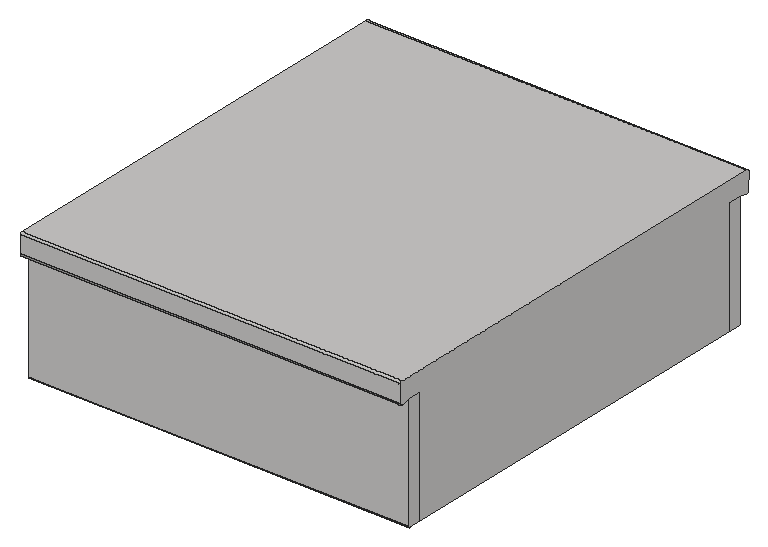
Revit family "QF_ELECTROLUXPROFESSIONAL_588114_MANABAGOOO", category Specialty Equipment, Revit 2018
Family settings
  Round Connector Dimension = Use Diameter
  Part Type = Normal
  Work Plane-Based = No
  Always vertical = Yes
  Cut with Voids When Loaded = No
  Shared = No
  Room Calculation Point = No
Parameters
  Weight in Pounds = 37.47
  URL Cutsheet = "www.electrolux.com/professional"
  URL = "www.electrolux.com/professional"
  Type Mark [instance] = ""
  Status [instance] = ""
  Specification by User [instance] = ""
  Specification by Manufacturer = ""
  Serial Number = ""
  Seismic Rating = ""
  SMACNA No = ""
  Revision Code [instance] = ""
  Omniclass Number and Title = ""
  NAFEM Spec ID Number = ""
  Model = "588114"
  Masterspec = ""
  Manufacturer = "ELECTROLUX"
  Item Number [instance] = ""
  Installed By [instance] = ""
  Identify Quantity as Lot [instance] = yes
  Furnished By [instance] = ""
  Foodservice Equipment Identifier [instance] = yes
  Direct Waste Size = 0"
  Description = "CLOSED WORK TOP,1-SIDE,700X800X250H"
  CSI MasterFormat = ""
  CSI Master Format = ""
Reference planes
  plane 1 "BACK": y = 0
  plane 2: z = 0
  plane 3 "LEFT": x = 0
  plane 4 "RIGHT": x = 700
  plane 5 "FRONT": y = -800
  plane 6 "TOP": z = 250
  plane 7 "Center Y": x = 350
  plane 8 "Center X": y = -400
Forms (mm)
  Extrusion 1, solid, material "QF_Finishes_Stainless Steel"
    sketch origin (0, 50.048, 0) x (0, 1, 0) y (0, 0, 1)
      loop
        line (-95.048, 213) -> (-71.412, 213) -> (-54.743, 210.061)
        arc (-54.743, 210.061) -> (-51.477, 210.936) -> (-50.048, 214) r 4
        line (-50.048, 214) -> (-50.048, 246)
        arc (-50.048, 246) -> (-51.22, 248.828) -> (-54.048, 250) r 4
        line (-54.048, 250) -> (-846.048, 250)
        arc (-846.048, 250) -> (-848.877, 248.828) -> (-850.048, 246) r 4
        line (-850.048, 246) -> (-850.048, 214)
        arc (-850.048, 214) -> (-848.619, 210.936) -> (-845.353, 210.061) r 4
        line (-845.353, 210.061) -> (-828.509, 213) -> (-805.048, 213) -> (-805.048, 0) -> (-95.048, 0) -> (-95.048, 213)
    from 0 to 700
  Extrusion 2, solid, material "QF_Finishes_Stainless Steel"
    sketch origin (0, 50.048, 0) x (0, 1, 0) y (0, 0, 1)
      loop
        arc (-828.048, 213) -> (-829.462, 212.414) -> (-830.048, 211) r 2
        line (-830.048, 211) -> (-830.048, 2)
        arc (-830.048, 2) -> (-829.462, 0.586) -> (-828.048, 0) r 2
        line (-828.048, 0) -> (-805.048, 0) -> (-805.048, 213) -> (-828.048, 213)
      loop
        line (-72.048, 213) -> (-95.048, 213) -> (-95.048, 0) -> (-72.048, 0)
        arc (-72.048, 0) -> (-70.634, 0.586) -> (-70.048, 2) r 2
        line (-70.048, 2) -> (-70.048, 211)
        arc (-70.048, 211) -> (-70.634, 212.414) -> (-72.048, 213) r 2
    from 0 to 700
Lines and regions (mm)
  symbolic lines
    curve 1: line (0, 0, 0) -> (700, 0, 0)
    curve 2: line (0, -800, 0) -> (0, 0, 0)
    curve 3: line (700, -800, 0) -> (0, -800, 0)
    curve 4: line (700, 0, 0) -> (700, -800, 0)
Dimensions and locks
  equal spacing: plane 3 "LEFT", plane 7 "Center Y", plane 4 "RIGHT"
  plane 3 "LEFT" to plane 4 "RIGHT" = 700.00 mm
  equal spacing: plane 5 "FRONT", plane 8 "Center X", plane 1 "BACK"
  plane 5 "FRONT" to plane 1 "BACK" = 800.00 mm
  plane 6 "TOP" to level = 250.00 mm
  aligned and locked: level to plane 2
  aligned and locked: Extrusion 1 to plane 4 "RIGHT"
  aligned and locked: Extrusion 2 to plane 4 "RIGHT"
Automatic sketch dimensions
  Extrusion 1 sketch curve to plane 6 "TOP" = 0.00 mm
  Extrusion 1 sketch curve to level = 0.00 mm
  Extrusion 1 sketch curve to plane 6 "TOP" = 36.00 mm
  plane 5 "FRONT" to Extrusion 1 sketch curve = 0.00 mm
  Extrusion 1 sketch curve to plane 6 "TOP" = 39.939 mm
  Extrusion 1 sketch curve to Extrusion 1 sketch curve = 4.00 mm
  Extrusion 1 sketch curve to Extrusion 1 sketch curve = 4.695 mm  (x2)
  Extrusion 1 sketch curve to Extrusion 1 sketch curve = 16.844 mm
  Extrusion 1 sketch curve to plane 5 "FRONT" = 45.00 mm
  plane 1 "BACK" to Extrusion 1 sketch curve = 45.00 mm
  Extrusion 1 sketch curve to Extrusion 1 sketch curve = 23.636 mm
  Extrusion 1 sketch curve to Extrusion 1 sketch curve = 17.364 mm
  Extrusion 1 sketch curve to Extrusion 1 sketch curve = 21.364 mm
  Extrusion 1 sketch curve to Extrusion 1 sketch curve = 0.00 mm  (x2)
  Extrusion 1 sketch curve to Extrusion 1 sketch curve = 0.695 mm
  Extrusion 1 sketch curve to plane 6 "TOP" = 37.00 mm  (x2)
  Extrusion 1 sketch curve to Extrusion 1 sketch curve = 1.00 mm
  Extrusion 2 sketch curve to level = 0.00 mm  (x2)
  level to Extrusion 2 sketch curve = 2.00 mm  (x2)
  Extrusion 2 sketch curve to plane 5 "FRONT" = 20.00 mm
  Extrusion 2 sketch curve to Extrusion 2 sketch curve = 2.00 mm
  Extrusion 2 sketch curve to Extrusion 2 sketch curve = 23.00 mm
  plane 1 "BACK" to Extrusion 2 sketch curve = 45.00 mm
  plane 1 "BACK" to Extrusion 2 sketch curve = 22.00 mm  (x2)
  Extrusion 2 sketch curve to plane 6 "TOP" = 39.00 mm  (x2)
  curve 3 to plane 3 "LEFT" = 0.00 mm
  curve 3 to plane 4 "RIGHT" = 0.00 mm
  plane 1 "BACK" to curve 2 = 0.00 mm
  curve 4 to plane 5 "FRONT" = 0.00 mm
